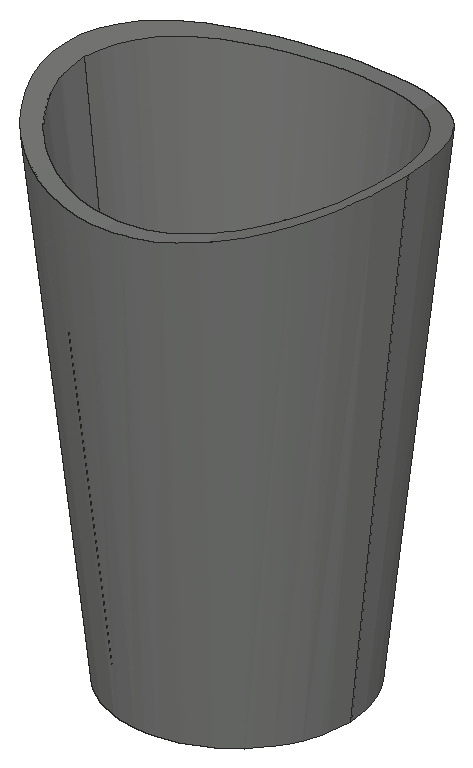
Revit family "Specialty_Equipment-Fiberglass_Planter-Planters_Unlimited-Nazca-Round", category Specialty Equipment, Revit 2023
Family settings
  Round Connector Dimension = Use Diameter
  Part Type = Normal
  OmniClass Number = 23.40.05.21.17
  OmniClass Title = Planters
  Work Plane-Based = No
  Enable Cutting in Views = No
  Always vertical = Yes
  Cut with Voids When Loaded = No
  Maintain Annotation Orientation = No
  Shared = No
  Room Calculation Point = No
Parameters (values of type "20"Dia x 30"H")
  CD_Cut angle = 45.5125°
  URL = "https://www.plantersunlimited.com"
  Type Comments = "Round Planter"  # constant formula
  Model = "Nazca Series Planter"  # constant formula
  Manufacturer = "Planters Unlimited"  # constant formula
  Description = "Nazca Round Planter"  # constant formula
  Default Elevation = 0.0"
  CD_Top Lip = CD_Diameter / 4  # 5.0"
  CD_Specification = "https://www.plantersunlimited.com/content/Planters/F1-NAZ-R.pdf"
  CD_Product Page URL = "https://www.plantersunlimited.com/nazca-fiberglass-round-planters/"
  CD_Product Name [instance] = "Nazca Planter"  # constant formula
  CD_Pad Spacing = CD_Base Dia - 2.0"  # 4.66667"
  CD_Microsite = "https://www.caddetails.com/3404"
  CD_Lip Width = CD_Diameter - 3.0"  # 17.0"
  CD_Height = 30.0"
  CD_Finish = Plastic-Fiberglass-Carlsbad-Semi_Gloss-Charcoal
  CD_Diameter = 20.0"
  CD_Created By = "CADdetails LTD. 2025"  # constant formula
  CD_Base Dia = CD_Diameter / 3  # 6.66667"
  Assembly Code = "G2050600"
Types (6): name | CD_Cut angle | CD_Top Lip | CD_Pad Spacing | CD_Lip Width | CD_Height | CD_Diameter | CD_Base Dia
  20"Dia x 30"H | 45.5125° | 5.0" | 4.66667" | 17.0" | 30.0" | 20.0" | 6.66667"
  24"Dia x 24"H | 45.5125° | 6.0" | 6.0" | 21.0" | 24.0" | 24.0" | 8.0"
  24"Dia x 30"H | 45.5125° | 6.0" | 6.0" | 21.0" | 30.0" | 24.0" | 8.0"
  24"Dia x 36"H | 45.5125° | 6.0" | 6.0" | 21.0" | 36.0" | 24.0" | 8.0"
  36"Dia x 48"H | 45.5125° | 9.0" | 10.0" | 33.0" | 48.0" | 36.0" | 12.0"
  48"Dia x 30"H | 20.00° | 12.0" | 14.0" | 45.0" | 30.0" | 48.0" | 16.0"
Reference planes (in)
  plane 1 "Center (Front/Back)": y = 0
  plane 2: z = 0
  plane 3 "Center (Left/Right)": x = 0
  plane 4 "Back": y = 10
  plane 5 "Front": y = -10
  plane 6 "Top": z = 30
  plane 7 "Bottom": z = 0
  plane 8 "Left": x = -10
  plane 9 "Right": x = 10
  plane 10 "BD2": x = 6.66667
  plane 11 "Base": z = 0.19922
  plane 12 "BD3": y = 3.33333
  plane 13 "BD4": y = -3.33333
  plane 14 "Dip": z = 28
Forms (in)
  Revolve 1, solid, material "Plastic-Fiberglass-Carlsbad-Semi_Gloss-Charcoal" <- "CD_Finish"
    sketch origin (0, 0, 0) x (1, 0, 0) y (0, 0, 1)
      loop
        line (6.66667, 0.19922) -> (10, 30) -> (8.99376, 30) -> (5.77228, 1.19922) -> (0, 1.19922) -> (0, 0.19922) -> (6.66667, 0.19922)
      axis (0, 0.19922) -> (0, 30)
    angle from 0 to 360
  Extrusion 2, void
    sketch origin (0, 0, 0) x (1, 0, 0) y (0, 0, 1)
      loop
        arc (-10, 30) -> (0, 27.98762) -> (10, 30) r 25.85236
        line (10, 30) -> (-10, 30)
    from -10 to 10
Cuts and joins
  Extrusion 2 cuts Revolve 1
Dimensions and locks (in)
  plane 5 "Front" to plane 4 "Back" = 20.0"
  plane 5 "Front" to plane 1 "Center (Front/Back)" to plane 4 "Back" = 10.0", 10.0"
  "CD_Diameter": plane 4 "Back" to plane 5 "Front"
  equal spacing: plane 4 "Back", plane 1 "Center (Front/Back)", plane 5 "Front"
  plane 6 "Top" to level = 30.0"  (x2)
  "CD_Height": plane 6 "Top" to level
  "CD_Diameter": plane 9 "Right" to plane 8 "Left"
  equal spacing: plane 9 "Right", plane 3 "Center (Left/Right)", plane 8 "Left"
  locked: plane 11 "Base" to level at 0.19922
  locked: Revolve 1 sketch curve to Revolve 1 sketch curve at 1
  equal spacing: plane 13 "BD4", plane 1 "Center (Front/Back)", plane 12 "BD3"
  "CD_Base Dia": plane 13 "BD4" to plane 12 "BD3"
  locked: plane 6 "Top" to plane 14 "Dip" at 2
  "CD_Pad Spacing": nested 3 to plane 3 "Center (Left/Right)"
  "CD_Pad Spacing": plane 3 "Center (Left/Right)" to nested 4
  "CD_Pad Spacing": nested 2 to plane 1 "Center (Front/Back)"
  "CD_Pad Spacing": plane 1 "Center (Front/Back)" to nested 1
  "CD_Base Dia": plane 10 "BD2" to plane 3 "Center (Left/Right)"
  locked: Revolve 1 sketch curve to level at 1.19922
  "CD_Cut angle": angle Extrusion 2 sketch curve to Extrusion 2 sketch curve
  aligned and locked: plane 2 to level
  aligned and locked: plane 3 "Center (Left/Right)" to nested 1
  aligned and locked: nested 2 to plane 3 "Center (Left/Right)"
  aligned and locked: plane 1 "Center (Front/Back)" to nested 3
  aligned and locked: nested 3 to level
  aligned and locked: level to nested 2
  aligned and locked: nested 1 to level
  aligned and locked: level to nested 4
  aligned and locked: level to plane 7 "Bottom"
  aligned and locked: plane 6 "Top" to Revolve 1 sketch curve  (x2)
  aligned and locked: plane 9 "Right" to Revolve 1 sketch curve
  aligned and locked: plane 11 "Base" to Revolve 1 sketch curve
  aligned and locked: plane 10 "BD2" to Revolve 1 sketch curve
  aligned and locked: plane 3 "Center (Left/Right)" to Revolve 1 sketch curve
  aligned and locked: plane 8 "Left" to Extrusion 2 sketch curve
  aligned and locked: plane 9 "Right" to Extrusion 2 sketch curve
  aligned and locked: Extrusion 2 sketch curve to plane 6 "Top"
  aligned and locked: plane 4 "Back" to Extrusion 2
  aligned and locked: Extrusion 2 to plane 5 "Front"
Automatic sketch dimensions
  Revolve 1 sketch curve to plane 3 "Center (Left/Right)" = 0.0"
  plane 6 "Top" to Revolve 1 sketch curve = 35.0"
  Revolve 1 sketch curve to Revolve 1 sketch curve = 12.0"
Nested families (in)
  nested 1: "Pad" at (0, 4.66667, 0), Material <- "CD_Finish", type "Pad"
    with Material Plastic-Fiberglass-Carlsbad-Semi_Gloss-Charcoal
  nested 2: "Pad" at (0, -4.66667, 0), Material <- "CD_Finish", type "Pad"
    with Material Plastic-Fiberglass-Carlsbad-Semi_Gloss-Charcoal
  nested 3: "Pad" at (-4.66667, 0, 0), Material <- "CD_Finish", type "Pad"
    with Material Plastic-Fiberglass-Carlsbad-Semi_Gloss-Charcoal
  nested 4: "Pad" at (4.66667, 0, 0) x (-1, 0, 0) z (0, 0, 1), Material <- "CD_Finish", type "Pad"
    with Material Plastic-Fiberglass-Carlsbad-Semi_Gloss-Charcoal
Definition of nested family "Pad"
  Parameters (values of type "Pad")
    Material [instance] = none
    Default Elevation = 0.0"
    CD_Size = 2.0"
    CD_Height = 0.19922"
  Reference planes (in)
    plane 1 "Center (Front/Back)": y = 0
    plane 2: z = 0
    plane 3 "Center (Left/Right)": x = 0
    plane 4: z = 0.19922
  Forms (in)
    Extrusion 1, solid, material <- "Material"
      sketch origin (0, 0, 0) x (1, 0, 0) y (0, 1, 0)
        loop
          line (-1, 1) -> (-1, -1) -> (1, -1) -> (1, 1) -> (-1, 1)
      from 0 to 0.19922
  Dimensions and locks (in)
    equal spacing: Extrusion 1 sketch curve, plane 1 "Center (Front/Back)", Extrusion 1 sketch curve
    equal spacing: Extrusion 1 sketch curve, plane 3 "Center (Left/Right)", Extrusion 1 sketch curve
    "CD_Size": Extrusion 1 sketch curve to Extrusion 1 sketch curve  (x2)
    "CD_Height": plane 4 to level
    aligned and locked: plane 2 to level
    aligned and locked: plane 4 to Extrusion 1
    aligned and locked: Extrusion 1 to level
